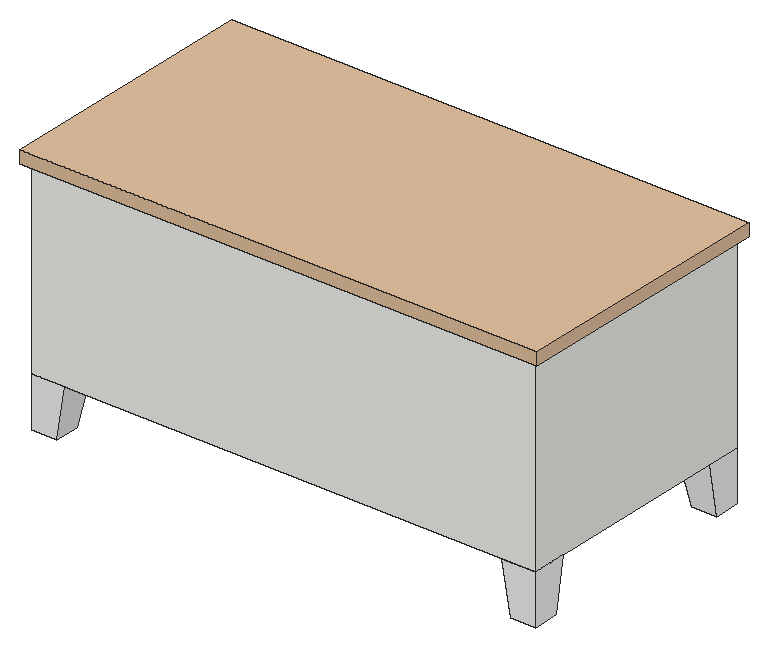
Revit family "forge_Desk", category Furniture, Revit 2017
Family settings
  Work Plane-Based = No
  Always vertical = Yes
  Cut with Voids When Loaded = No
  Shared = Yes
  Room Calculation Point = No
Parameters (values of type "1525x762x762mm")
  Keynote = "N"
  Depth = 762.00 mm
  Material Body = Laminate - Ivory, Matte
  Material Handle/Leg = Metal - Chrome
  Material Top = Wood - Cherry
  Height = 762.00 mm
  Leg Height = 152.00 mm
  Width = 1525.00 mm
Types (3, lengths in mm): name | Depth | Width
  1525x762x762mm | 762.00 | 1525.00
  1830x915x762mm | 915.00 | 1830.00
  1525x762x762mm_Student | 762.00 | 1525.00
Reference planes
  plane 1: y = 0
  plane 2: z = 0
  plane 3: x = 0
  plane 4: z = 723.9
  plane 5: z = 152
  plane 6: z = 762
  plane 7 "Right": x = 1525
  plane 8 "Front": y = 762
  plane 9: x = 762.5
  plane 10: y = 381
  plane 11: y = 774.7
  plane 12: x = 1321.8
  plane 13: x = 203.2
  plane 14: z = 304.8
  plane 15: z = 425.45
  plane 16: z = 546.1
  plane 17: z = 666.75
  plane 18: z = 546.1
  plane 19: z = 666.75
Forms (mm)
  Extrusion 1, solid, material "Laminate - Ivory, Matte" <- "Material Body"
    sketch origin (0, 0, 0) x (1, 0, 0) y (0, 1, 0)
      loop
        line (0, 762) -> (0, 0) -> (1525, 0) -> (1525, 762) -> (1118.6, 762) -> (1118.6, 50.8) -> (406.4, 50.8) -> (406.4, 762) -> (0, 762)
    from 152 to 723.9
  Extrusion 2, solid, material "Wood - Cherry" <- "Material Top"
    sketch origin (0, 0, 0) x (1, 0, 0) y (0, 1, 0)
      loop
        line (-19.05, 781.05) -> (-19.05, -19.05) -> (1544.05, -19.05) -> (1544.05, 781.05) -> (-19.05, 781.05)
    from 723.9 to 762
  Blend 3, solid, material "Metal - Chrome" <- "Material Handle/Leg"
    base sketch origin (0, 0, 0) x (1, 0, 0) y (0, 1, 0)
      loop
        line (0, 762) -> (0, 685.8) -> (76.2, 685.8) -> (76.2, 762) -> (0, 762)
    top sketch origin (0, 0, 0) x (1, 0, 0) y (0, 1, 0)
      loop
        line (0, 762) -> (0, 660.4) -> (101.6, 660.4) -> (101.6, 762) -> (0, 762)
    from 0 to 152
  Blend 4, solid, material "Metal - Chrome" <- "Material Handle/Leg"
    base sketch origin (0, 0, 0) x (1, 0, 0) y (0, 1, 0)
      loop
        line (0, 0) -> (76.2, 0) -> (76.2, 76.2) -> (0, 76.2) -> (0, 0)
    top sketch origin (0, 0, 0) x (1, 0, 0) y (0, 1, 0)
      loop
        line (0, 0) -> (101.6, 0) -> (101.6, 101.6) -> (0, 101.6) -> (0, 0)
    from 0 to 152
  Blend 5, solid, material "Metal - Chrome" <- "Material Handle/Leg"
    base sketch origin (0, 0, 0) x (1, 0, 0) y (0, 1, 0)
      loop
        line (1525, 0) -> (1525, 76.2) -> (1448.8, 76.2) -> (1448.8, 0) -> (1525, 0)
    top sketch origin (0, 0, 0) x (1, 0, 0) y (0, 1, 0)
      loop
        line (1525, 0) -> (1525, 101.6) -> (1423.4, 101.6) -> (1423.4, 0) -> (1525, 0)
    from 0 to 152
  Blend 6, solid, material "Metal - Chrome" <- "Material Handle/Leg"
    base sketch origin (0, 0, 0) x (1, 0, 0) y (0, 1, 0)
      loop
        line (1525, 762) -> (1448.8, 762) -> (1448.8, 685.8) -> (1525, 685.8) -> (1525, 762)
    top sketch origin (0, 0, 0) x (1, 0, 0) y (0, 1, 0)
      loop
        line (1525, 762) -> (1423.4, 762) -> (1423.4, 660.4) -> (1525, 660.4) -> (1525, 762)
    from 0 to 152
  Extrusion 7, solid, material "Laminate - Ivory, Matte" <- "Material Body"
    sketch origin (0, 762, 0) x (1, 0, 0) y (0, 0, 1)
      loop
        line (19.05, 704.85) -> (19.05, 602.85) -> (387.35, 602.85) -> (387.35, 704.85) -> (19.05, 704.85)
      loop
        line (19.05, 171.05) -> (387.35, 171.05) -> (387.35, 342.5) -> (19.05, 342.5) -> (19.05, 171.05)
      loop
        line (387.35, 583.8) -> (19.05, 583.8) -> (19.05, 482.2) -> (387.35, 482.2) -> (387.35, 583.8)
      loop
        line (387.35, 463.15) -> (19.05, 463.15) -> (19.05, 361.55) -> (387.35, 361.55) -> (387.35, 463.15)
    from -12.7 to 0
  Extrusion 8, solid, material "Laminate - Ivory, Matte" <- "Material Body"
    sketch origin (1828.8, 914.4, 0) x (-1, 0, 0) y (0, 0, -1)
      loop
        line (322.85, -704.85) -> (691.15, -704.85) -> (691.15, -603.25) -> (322.85, -603.25) -> (322.85, -704.85)
      loop
        line (322.85, -171.05) -> (322.85, -584.2) -> (691.15, -584.2) -> (691.15, -171.05) -> (322.85, -171.05)
    from 139.7 to 152.4
  Sweep 9, solid, material "Metal - Chrome" <- "Material Handle/Leg"
    path origin (0, 0, 0) x (1, 0, 0) y (0, 1, 0)
      loop
        line (152.4, 774.7) -> (152.4, 800.1) -> (254, 800.1) -> (254, 774.7)
    profile origin (0, 787.4, 0) x (-1, 0, 0) y (0, 0, 1)
      loop
        line (-152.4, 304.8) -> (-158.75, 304.8) -> (-158.75, 292.1) -> (-152.4, 292.1) -> (-152.4, 304.8)
      loop
        line (-152.4, 425.45) -> (-158.75, 425.45) -> (-158.75, 412.75) -> (-152.4, 412.75) -> (-152.4, 425.45)
      loop
        line (-152.4, 546.1) -> (-158.75, 546.1) -> (-158.75, 533.4) -> (-152.4, 533.4) -> (-152.4, 546.1)
      loop
        line (-152.4, 666.75) -> (-158.75, 666.75) -> (-158.75, 654.05) -> (-152.4, 654.05) -> (-152.4, 666.75)
  Sweep 10, solid, material "Metal - Chrome" <- "Material Handle/Leg"
    path origin (0, 0, 0) x (1, 0, 0) y (0, 1, 0)
      loop
        line (1372.6, 774.7) -> (1372.6, 800.1) -> (1271, 800.1) -> (1271, 774.7)
    profile origin (0, 787.4, 0) x (-1, 0, 0) y (0, 0, 1)
      loop
        line (-1372.6, 546.1) -> (-1372.6, 533.4) -> (-1366.25, 533.4) -> (-1366.25, 546.1) -> (-1372.6, 546.1)
      loop
        line (-1372.6, 666.75) -> (-1372.6, 654.05) -> (-1366.25, 654.05) -> (-1366.25, 666.75) -> (-1372.6, 666.75)
Lines and regions (mm)
  Masking region 1
    outline origin (0, 0, 0) x (1, 0, 0) y (0, 1, 0)
      loop
        line (-19.05, 781.05) -> (-19.05, -19.05) -> (1544.05, -19.05) -> (1544.05, 781.05) -> (-19.05, 781.05)
  symbolic lines
    curve 1: line (-19.05, 781.05, 0) -> (-19.05, -19.05, 0)
    curve 2: line (-19.05, -19.05, 0) -> (1544.05, -19.05, 0)
    curve 3: line (1544.05, -19.05, 0) -> (1544.05, 781.05, 0)
    curve 4: line (1544.05, 781.05, 0) -> (-19.05, 781.05, 0)
    curve 5: line (254, 800.1, 0) -> (152.4, 800.1, 0)
    curve 6: line (254, 781.05, 0) -> (254, 800.1, 0)
    curve 7: line (152.4, 800.1, 0) -> (152.4, 781.05, 0)
    curve 8: line (1372.6, 781.05, 0) -> (1372.6, 800.1, 0)
    curve 9: line (1271, 800.1, 0) -> (1271, 781.05, 0)
    curve 10: line (1372.6, 800.1, 0) -> (1271, 800.1, 0)
Dimensions and locks
  "Width": plane 7 "Right" to plane 3
  "Depth": plane 1 to plane 8 "Front"
  "Height": plane 2 to plane 6
  plane 5 to plane 2 = 152.00 mm
  plane 4 to plane 6 = 38.10 mm
  equal spacing: plane 3, plane 9, plane 7 "Right"
  equal spacing: plane 1, plane 10, plane 8 "Front"
  locked: plane 4 to plane 6 at 38.1
  plane 3 to Extrusion 1 sketch curve = 406.40 mm
  Extrusion 1 sketch curve to plane 7 "Right" = 406.40 mm
  "Leg Height": plane 5 to plane 2
  Extrusion 1 to Extrusion 7 sketch curve = 19.05 mm
  plane 3 to Extrusion 7 sketch curve = 19.05 mm
  plane 5 to Extrusion 7 sketch curve = 19.05 mm
  Extrusion 7 sketch curve to plane 4 = 19.05 mm
  locked: plane 11 to plane 8 "Front" at 12.7
  plane 17 to Extrusion 7 = 38.10 mm
  plane 16 to Extrusion 7 = 37.70 mm
  plane 15 to Extrusion 7 = 37.70 mm
  plane 14 to Extrusion 7 = 37.70 mm
  plane 19 to Extrusion 8 = 38.10 mm
  plane 18 to Extrusion 8 = 38.10 mm
  plane 12 to plane 7 "Right" = 203.20 mm
  plane 3 to plane 13 = 203.20 mm
  aligned and locked: Extrusion 1 to plane 4
  aligned and locked: plane 4 to Extrusion 2
  aligned and locked: Extrusion 2 to plane 6
  aligned and locked: Extrusion 1 sketch curve to plane 3
  aligned and locked: Extrusion 1 sketch curve to plane 1
  aligned and locked: plane 5 to Extrusion 1
  aligned and locked: Blend 4 to plane 5
  aligned and locked: Blend 5 to plane 5
  aligned and locked: Blend 3 to plane 5
  aligned and locked: Blend 6 to plane 5
  aligned and locked: plane 11 to Extrusion 7
  aligned and locked: plane 8 "Front" to Extrusion 1 sketch curve
  aligned and locked: Extrusion 1 sketch curve to plane 8 "Front"
  aligned and locked: plane 11 to Extrusion 8
  aligned and locked: Extrusion 8 to Extrusion 1
  aligned and locked: curve 1 to Extrusion 2
  aligned and locked: curve 2 to Extrusion 2
  aligned and locked: curve 3 to Extrusion 2
  aligned and locked: curve 4 to Extrusion 2
  aligned and locked: curve 5 to Sweep 9
  aligned and locked: Sweep 9 to curve 6
  aligned and locked: curve 7 to Sweep 9
  aligned and locked: Sweep 10 to curve 8
  aligned and locked: curve 9 to Sweep 10
  aligned and locked: curve 10 to Sweep 10
Automatic sketch dimensions
  Blend 3 sketch curve to plane 8 "Front" = 0.00 mm  (x2)
  plane 3 to Blend 3 sketch curve = 76.20 mm
  plane 8 "Front" to Blend 3 sketch curve = 76.20 mm
  Blend 3 sketch curve to plane 3 = 0.00 mm  (x2)
  plane 3 to Blend 3 sketch curve = 101.60 mm
  plane 8 "Front" to Blend 3 sketch curve = 101.60 mm
  Blend 4 sketch curve to plane 3 = 0.00 mm  (x2)
  Blend 4 sketch curve to Blend 4 sketch curve = 76.20 mm  (x2)
  Blend 4 sketch curve to plane 1 = 0.00 mm  (x2)
  Blend 4 sketch curve to Blend 4 sketch curve = 101.60 mm  (x2)
  Blend 5 sketch curve to plane 7 "Right" = 0.00 mm  (x2)
  Blend 5 sketch curve to Blend 5 sketch curve = 76.20 mm
  Blend 5 sketch curve to plane 1 = 76.20 mm
  Blend 5 sketch curve to Blend 5 sketch curve = 101.60 mm
  Blend 5 sketch curve to plane 1 = 101.60 mm
  Blend 6 sketch curve to plane 7 "Right" = 0.00 mm  (x2)
  Blend 6 sketch curve to Blend 6 sketch curve = 76.20 mm
  plane 8 "Front" to Blend 6 sketch curve = 76.20 mm
  Blend 6 sketch curve to Blend 6 sketch curve = 101.60 mm
  plane 8 "Front" to Blend 6 sketch curve = 101.60 mm
  Blend 5 sketch curve to plane 1 = 0.00 mm  (x2)
  Blend 6 sketch curve to plane 8 "Front" = 0.00 mm  (x2)
  plane 1 to Extrusion 2 sketch curve = 19.05 mm
  Extrusion 2 sketch curve to plane 8 "Front" = 19.05 mm
  plane 7 "Right" to Extrusion 2 sketch curve = 19.05 mm
  Extrusion 2 sketch curve to plane 3 = 19.05 mm
  Extrusion 7 sketch curve to Extrusion 7 sketch curve = 171.45 mm
  Extrusion 7 sketch curve to Extrusion 7 sketch curve = 19.05 mm  (x3)
  Extrusion 7 sketch curve to Extrusion 7 sketch curve = 101.60 mm  (x2)
  plane 3 to Extrusion 7 sketch curve = 19.05 mm  (x3)
  Extrusion 7 sketch curve to Extrusion 7 sketch curve = 0.00 mm  (x3)
  plane 4 to Extrusion 8 sketch curve = 19.05 mm
  Extrusion 8 sketch curve to plane 7 "Right" = 19.05 mm  (x2)
  Extrusion 8 sketch curve to plane 5 = 19.05 mm
  plane 4 to Extrusion 8 sketch curve = 120.65 mm
  Extrusion 8 sketch curve to Extrusion 8 sketch curve = 368.30 mm
  Extrusion 8 sketch curve to Extrusion 8 sketch curve = 0.00 mm
  Extrusion 8 sketch curve to Extrusion 8 sketch curve = 19.05 mm
  Extrusion 1 sketch curve to plane 1 = 50.80 mm
  Sweep 9 sketch curve to plane 11 = 0.00 mm  (x2)
  Sweep 9 sketch curve to plane 13 = 50.80 mm
  plane 13 to Sweep 9 sketch curve = 50.80 mm
  Sweep 9 sketch curve to Sweep 9 sketch curve = 25.40 mm
  Sweep 9 sketch curve to plane 14 = 0.00 mm
  Sweep 9 sketch curve to plane 17 = 0.00 mm
  Sweep 9 sketch curve to plane 15 = 0.00 mm
  Sweep 9 sketch curve to plane 16 = 0.00 mm
  Sweep 9 sketch curve to profile plane = 0.00 mm  (x4)
  profile plane to Sweep 9 sketch curve = 6.35 mm  (x4)
  plane 14 to Sweep 9 sketch curve = 12.70 mm
  plane 15 to Sweep 9 sketch curve = 12.70 mm
  plane 16 to Sweep 9 sketch curve = 12.70 mm
  plane 17 to Sweep 9 sketch curve = 12.70 mm
  Sweep 10 sketch curve to plane 11 = 0.00 mm  (x2)
  plane 11 to Sweep 10 sketch curve = 25.40 mm
  plane 12 to Sweep 10 sketch curve = 50.80 mm
  Sweep 10 sketch curve to Sweep 10 sketch curve = 101.60 mm
  Sweep 10 sketch curve to profile plane = 0.00 mm  (x2)
  Sweep 10 sketch curve to plane 19 = 0.00 mm
  Sweep 10 sketch curve to plane 18 = 0.00 mm
  Sweep 10 sketch curve to profile plane = 6.35 mm  (x2)
  plane 18 to Sweep 10 sketch curve = 12.70 mm
  Sweep 10 sketch curve to Sweep 10 sketch curve = 12.70 mm
  Extrusion 1 sketch curve to plane 7 "Right" = 0.00 mm
  curve 1 to plane 3 = 19.05 mm
  plane 7 "Right" to curve 2 = 19.05 mm
  plane 1 to curve 3 = 19.05 mm
  plane 11 to curve 9 = 6.35 mm
  Masking region 1 sketch curve to plane 3 = 19.05 mm
  plane 7 "Right" to Masking region 1 sketch curve = 19.05 mm
  plane 1 to Masking region 1 sketch curve = 19.05 mm
  plane 11 to Masking region 1 sketch curve = 6.35 mm
